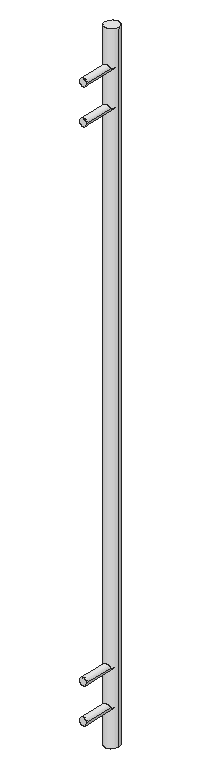
Revit family
Parameters
  Manufacturer = "Revit"
  Ironmongery Material = Ironmongery - SS
  Handle Z Distance = 0 mm
  Handle X Distance = 65 mm
  Handle Radius = 20 mm
  Handle Offset = 100 mm
  Handle Extension = 200 mm
  Handle Diameter = Handle Radius * 2  # 40 mm
  Handle Depth = Handle Length - (2 * Handle Extension)  # 1400 mm
  Handle Length = 1800 mm
  Fixing Radius = Handle Radius / 2  # 10 mm
Reference planes
  plane 1 "Center (Front/Back)": y = 0
  plane 2: z = 0
  plane 3 "Center (Left/Right)": x = 0
  plane 4: z = 0
  plane 5: x = 65
  plane 6: z = 700
  plane 7: z = -700
  plane 8: y = 100
  plane 9: z = 900
  plane 10: z = -900
  plane 11: z = 800
  plane 12: z = -800
Forms (mm)
  Extrusion 1, solid, material "Ironmongery - SS" <- "Ironmongery Material"
    sketch origin (0, 4, 0) x (-1, 0, 0) y (0, 0, 1)
      loop
        circle (-65, 700) r 10
      loop
        circle (-65, -700) r 10
      loop
        circle (-65, 800) r 10
      loop
        circle (-65, -800) r 10
    from -4 to 96
  Extrusion 2, solid, material "Ironmongery - SS" <- "Ironmongery Material"
    sketch origin (0, 0, 0) x (1, 0, 0) y (0, 1, 0)
      loop
        circle (65, 100) r 20
    from -900 to 900
Dimensions and locks
  "Handle Z Distance": plane 4 to level
  "Handle X Distance": plane 5 to plane 3 "Center (Left/Right)"
  equal spacing: plane 6, plane 4, plane 7
  "Handle Depth": plane 6 to plane 7
  "Handle Offset": plane 1 "Center (Front/Back)" to plane 8
  "Handle Extension": plane 6 to plane 9
  "Handle Extension": plane 10 to plane 7
  equal spacing: plane 9, plane 11, plane 6
  equal spacing: plane 7, plane 12, plane 10
  "Handle Radius": radius of Extrusion 2 sketch curve
  "Fixing Radius": radius of Extrusion 1 sketch curve  (x4)
  aligned and locked: Extrusion 1 to plane 8
  aligned and locked: Extrusion 2 to plane 9
  aligned and locked: plane 10 to Extrusion 2
  aligned and locked: plane 1 "Center (Front/Back)" to Extrusion 1
Automatic sketch dimensions
  Extrusion 2 sketch curve to plane 5 = 0 mm
  Extrusion 2 sketch curve to plane 8 = 0 mm
  Extrusion 1 sketch curve to plane 5 = 0 mm  (x4)
  Extrusion 1 sketch curve to plane 12 = 0 mm
  Extrusion 1 sketch curve to plane 7 = 0 mm
  Extrusion 1 sketch curve to plane 6 = 0 mm
  Extrusion 1 sketch curve to plane 11 = 0 mm
